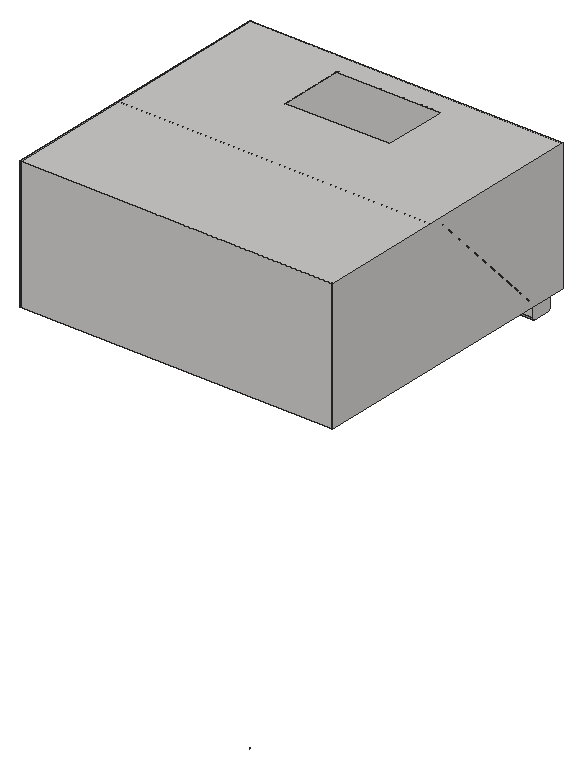
Revit family "QF_ELECTROLUXPROFESSIONAL_642010_EP1112T", category Attrezzature speciali, Revit 2021
Family settings
  Quota connettore circolare = Usa diametro
  Tipo di parte = Normale
  Basato su piano di lavoro = No
  Sempre verticale = Sì
  Taglio con vuoti quando caricato = No
  Condiviso = No
  Punto di calcolo locali = No
Parameters (values of type "Standard")
  Weight = 33.00 kg
  Watts = 0 W
  Volts = 0 V
  URL Manufacturer = "https://www.electroluxprofessional.com/"
  URL = "https://www.electroluxprofessional.com/"
  Steam Supply Size = 0 mm
  Steam Supply Minimum Pressure = 0.0 Pa
  Steam Supply Maximum Pressure = 0.0 Pa
  Steam Consumption per Hour = 0
  Refrigeration Suction Line Size = 0 mm
  Refrigeration Liquid Line Size = 0 mm
  Refrigerant Compressor Remote = yes
  Prospetto di default = 0 mm
  Produttore = "Electrolux Professional"
  Phase = 0
  Modello = "EP1112T"
  Length Actual = 1200 mm  # constant formula
  Item Number = "642010"
  Hot Water Size = 0 mm
  Height Actual = 500 mm  # constant formula
  HP = "0 HP"
  Gas Size = 0 mm
  Gas KW = 0
  Gas Input Pressure = 0 W
  Direct Waste Size = 0 mm
  Descrizione = "304 S/S WALL HOOD+FILTERS 1200X1100MM"
  Depth Actual = 1100 mm  # constant formula
  Cycle = 0 Hz
  Condensate Return Size = 0 mm
  Compressed Air Volume = 0.0 L/s
  Compressed Air Size = 0 mm
  Compressed Air Pressure = 0.0 Pa
  Cold Water Size = 0 mm
  Accessory = yes
Reference planes
  plane 1 "Center (Front/Back)": y = 0
  plane 2: z = 0
  plane 3 "Center (Left/Right)": x = 150
  plane 4 "LEFT": x = -450
  plane 5 "RIGHT": x = 750
  plane 6 "BACK": y = 550
  plane 7 "FRONT": y = -550
  plane 8 "TOP": z = 2500
  plane 9 "Base": z = 2000
  plane 10: z = 1926
  plane 11 "DrainY": y = 485
  plane 12: x = -447
  plane 13: through (0, 414.509, 2000.8) normal (0, 0.7314, 0.682)
  plane 14: y = 470
  plane 15: y = 220
  plane 16 "DrainX": x = 630
  plane 17: x = -50
  plane 18: x = 350
  plane 19: x = 747
  plane 20: x = 540
  plane 21: x = 720
  plane 22: x = -410
  plane 23: x = 710
  plane 24: x = -47.5
  plane 25: x = 347.5
Forms (mm)
  Extrusion 1, solid, material "QF_Finishes_Stainless Steel"
    sketch origin (-450, 0, 360) x (0, 1, 0) y (0, 0, 1)
      loop
        line (550, 1640) -> (550, 2140) -> (-550, 2140) -> (-550, 1640) -> (550, 1640)
    from 0 to 3
  Extrusion 2, solid, material "QF_Finishes_Stainless Steel"
    sketch origin (150, 0, 360) x (0, 1, 0) y (0, 0, 1)
      loop
        line (415.255, 1640) -> (550, 1640) -> (550, 2139.19) -> (549.2, 2139.19) -> (549.2, 1640.8) -> (415.876, 1640.8) -> (339.347, 1722.867) -> (349.609, 1732.436) -> (348.927, 1733.167) -> (337.934, 1722.917) -> (415.255, 1640)
      loop
        line (-82.203, 2139.19) -> (-82.203, 2118.6) -> (-31.047, 2118.6) -> (34.354, 2048.466) -> (46.028, 2059.352) -> (45.346, 2060.083) -> (34.403, 2049.879) -> (-30.612, 2119.6) -> (-81.203, 2119.6) -> (-81.203, 2139.19) -> (-82.203, 2139.19)
    from -597 to 597
  Extrusion 3, solid, material "QF_Finishes_Stainless Steel"
    sketch origin (750, 0, 360) x (0, 1, 0) y (0, 0, 1)
      loop
        line (550, 1640) -> (550, 2140) -> (-550, 2140) -> (-550, 1640) -> (550, 1640)
    from 0 to -3
  Extrusion 4, solid, material "QF_Finishes_Stainless Steel"
    sketch origin (150, 0, 360) x (0, 1, 0) y (0, 0, 1)
      loop
        line (-550, 2140) -> (-550, 1640) -> (-549.2, 1640) -> (-549.2, 2139.19) -> (550, 2139.19) -> (550, 2140) -> (-550, 2140)
    from -600 to 600
  Extrusion 5, solid, material "QF_Finishes_Stainless Steel"
    sketch origin (150, 0, 360) x (0, 1, 0) y (0, 0, 1)
      loop
        line (534, 1640) -> (436, 1640) -> (436, 1627) -> (443.5, 1627) -> (443.5, 1576)
        arc (443.5, 1576) -> (446.429, 1568.929) -> (453.5, 1566) r 10
        line (453.5, 1566) -> (516.5, 1566)
        arc (516.5, 1566) -> (523.571, 1568.929) -> (526.5, 1576) r 10
        line (526.5, 1576) -> (526.5, 1627) -> (534, 1627) -> (534, 1640)
    from 390 to 570
  Extrusion 6, solid, material "QF_Finishes_Stainless Steel"
    sketch origin (0, 0, 2000) x (0, 1, 0) y (-1, 0, 0)
      loop
        circle (485, -630) r 20
    from -76 to -74
  Extrusion 7, solid, material "QF_Finished_Chrome"
    sketch origin (150, 0, 360) x (0, 1, 0) y (0, 0, 1)
      loop
        line (337.934, 1722.917) -> (341.591, 1726.327) -> (38.011, 2051.876) -> (34.354, 2048.466) -> (337.934, 1722.917)
    from -197.5 to -560
  Extrusion 8, solid, material "QF_Finishes_Stainless Steel"
    sketch origin (150, 0, 360) x (0, 1, 0) y (0, 0, 1)
      loop
        line (337.934, 1722.917) -> (341.591, 1726.327) -> (38.011, 2051.876) -> (34.354, 2048.466) -> (337.934, 1722.917)
    from 597 to 560
  Extrusion 9, solid, material "QF_Finished_Chrome"
    sketch origin (150, 0, 360) x (0, 1, 0) y (0, 0, 1)
      loop
        line (341.588, 1726.324) -> (38.009, 2051.874) -> (34.354, 2048.466) -> (337.934, 1722.917) -> (341.588, 1726.324)
    from 197.5 to 560
  Extrusion 10, void
    sketch origin (0, 0, 2500) x (0, 1, 0) y (-1, 0, 0)
      loop
        line (470, -350) -> (470, 50) -> (220, 50) -> (220, -350) -> (470, -350)
    from 0 to -10
  Extrusion 11, solid, material "QF_Finishes_Stainless Steel"
    sketch origin (0, 0, 0) x (1, 0, 0) y (0, 1, 0)
      loop
        line (-450, 550) -> (-450, 549) -> (-449, 549) -> (-449, 550) -> (-450, 550)
    from 0 to 1
  Extrusion 12, solid, material "QF_Finishes_Stainless Steel"
    sketch origin (150, 0, 360) x (0, 1, 0) y (0, 0, 1)
      loop
        line (337.934, 1722.917) -> (341.591, 1726.327) -> (38.011, 2051.876) -> (34.354, 2048.466) -> (337.934, 1722.917)
    from -560 to -597
  Extrusion 13, solid, material "QF_Finishes_Stainless Steel"
    sketch origin (150, 0, 360) x (0, 1, 0) y (0, 0, 1)
      loop
        line (337.934, 1722.917) -> (341.591, 1726.327) -> (38.011, 2051.876) -> (34.354, 2048.466) -> (337.934, 1722.917)
    from 197.5 to -197.5
Cuts and joins
  Extrusion 10 cuts Extrusion 4
  joined: Extrusion 2, Extrusion 4
Lines and regions (mm)
  reference lines
    curve 1: line (150, 34.354, 2408.466) -> (150, 34.354, 2248.466)
  symbolic lines, style "SpecialityEquipment", detail levels coarse
    curve 2: line (750, 550, 2500) -> (-450, 550, 2500)
    curve 3: line (-450, 550, 2500) -> (-450, -550, 2500)
    curve 4: line (750, -550, 2500) -> (750, 550, 2500)
    curve 5: line (-450, -550, 2500) -> (750, -550, 2500)
    curve 6: line (350, 220, 2500) -> (-50, 220, 2500)
    curve 7: line (350, 470, 2500) -> (350, 220, 2500)
    curve 8: line (-50, 470, 2500) -> (350, 470, 2500)
    curve 9: line (-50, 220, 2500) -> (-50, 470, 2500)
    curve 10: line (-450, -550, 0) -> (750, 550, 0)
    curve 11: line (-450, 550, 0) -> (750, -550, 0)
Dimensions and locks
  plane 4 "LEFT" to plane 5 "RIGHT" = 1200 mm
  equal spacing: plane 4 "LEFT", plane 3 "Center (Left/Right)", plane 5 "RIGHT"
  plane 9 "Base" to plane 10 = 74 mm
  plane 6 "BACK" to plane 11 "DrainY" = 65 mm  (x2)
  plane 4 "LEFT" to plane 12 = 3 mm
  plane 6 "BACK" to plane 14 = 80 mm
  plane 14 to plane 15 = 250 mm  (x2)
  plane 16 "DrainX" to plane 5 "RIGHT" = 120 mm
  plane 19 to plane 5 "RIGHT" = 3 mm
  locked: plane 20 to plane 16 "DrainX" at 90
  locked: plane 16 "DrainX" to plane 21 at 90
  plane 6 "BACK" to plane 7 "FRONT" = 1100 mm  (x2)
  equal spacing: plane 6 "BACK", plane 1 "Center (Front/Back)", plane 7 "FRONT"
  plane 15 to plane 7 "FRONT" = 770 mm
  plane 14 to plane 6 "BACK" = 80 mm
  locked: plane 4 "LEFT" to plane 22 at 40
  locked: plane 23 to plane 5 "RIGHT" at 40
  locked: plane 24 to plane 25 at 395
  equal spacing: plane 24, plane 3 "Center (Left/Right)", plane 25
  locked: plane 17 to plane 18 at 400
  equal spacing: plane 17, plane 3 "Center (Left/Right)", plane 18
  locked: plane 9 "Base" to level at 2000
  locked: plane 8 "TOP" to plane 9 "Base" at 500
  aligned and locked: level to plane 2
  aligned and locked: Extrusion 2 to Extrusion 1
  aligned and locked: Extrusion 2 to Extrusion 3
  aligned and locked: plane 5 "RIGHT" to Extrusion 4
  aligned and locked: Extrusion 4 to plane 4 "LEFT"
  aligned and locked: plane 19 to Extrusion 8
  aligned and locked: Extrusion 10 to plane 17
  aligned and locked: Extrusion 10 to plane 15
  aligned and locked: Extrusion 10 to plane 14
  aligned and locked: Extrusion 2 to Extrusion 4
  aligned and locked: plane 21 to Extrusion 5
  aligned and locked: Extrusion 5 to plane 20
  aligned and locked: Extrusion 8 to plane 23
  aligned and locked: Extrusion 9 to plane 23
  aligned and locked: Extrusion 7 to plane 22
  aligned and locked: Extrusion 12 to plane 12
  aligned and locked: plane 22 to Extrusion 12
  aligned and locked: Extrusion 3 to plane 19
  aligned and locked: Extrusion 10 to plane 18
  aligned and locked: plane 18 to curve 7
  aligned and locked: plane 25 to Extrusion 13
  aligned and locked: Extrusion 13 to plane 24
  aligned and locked: Extrusion 9 to plane 25
Automatic sketch dimensions
  curve 5 to plane 5 "RIGHT" = 0 mm
  curve 5 to plane 7 "FRONT" = 0 mm
  curve 6 to plane 15 = 0 mm
  plane 14 to curve 8 = 0 mm
  curve 3 to plane 4 "LEFT" = 0 mm
  curve 3 to plane 6 "BACK" = 0 mm
  curve 6 to plane 17 = 0 mm
  Extrusion 2 sketch curve to plane 13 = 0 mm  (x3)
  Extrusion 2 sketch curve to plane 9 "Base" = 0 mm
  plane 13 to Extrusion 2 sketch curve = 0 mm
  Extrusion 2 sketch curve to plane 6 "BACK" = 0 mm
  Extrusion 2 sketch curve to Extrusion 2 sketch curve = 65.646 mm
  Extrusion 2 sketch curve to Extrusion 2 sketch curve = 0.682 mm  (x2)
  Extrusion 2 sketch curve to Extrusion 2 sketch curve = 10.261 mm
  plane 9 "Base" to Extrusion 2 sketch curve = 82.917 mm
  Extrusion 2 sketch curve to plane 1 "Center (Front/Back)" = 46.028 mm
  Extrusion 2 sketch curve to Extrusion 2 sketch curve = 10.942 mm
  Extrusion 2 sketch curve to Extrusion 2 sketch curve = 0.049 mm
  Extrusion 2 sketch curve to plane 8 "TOP" = 20.4 mm
  Extrusion 2 sketch curve to plane 8 "TOP" = 21.4 mm
  Extrusion 2 sketch curve to plane 8 "TOP" = 0.81 mm  (x2)
  Extrusion 2 sketch curve to Extrusion 2 sketch curve = 50.156 mm
  Extrusion 2 sketch curve to Extrusion 2 sketch curve = 1 mm
  plane 9 "Base" to Extrusion 2 sketch curve = 0.8 mm
  Extrusion 2 sketch curve to plane 6 "BACK" = 0.8 mm
  Extrusion 3 sketch curve to plane 9 "Base" = 0 mm
  Extrusion 3 sketch curve to plane 6 "BACK" = 0 mm
  Extrusion 3 sketch curve to plane 8 "TOP" = 0 mm
  Extrusion 4 sketch curve to plane 7 "FRONT" = 0 mm
  Extrusion 4 sketch curve to plane 6 "BACK" = 0 mm
  Extrusion 4 sketch curve to plane 8 "TOP" = 0 mm
  plane 7 "FRONT" to Extrusion 4 sketch curve = 0.8 mm
  Extrusion 4 sketch curve to plane 8 "TOP" = 0.81 mm
  curve 1 to plane 13 = 0 mm
  curve 1 to plane 1 "Center (Front/Back)" = 34.354 mm
  Extrusion 5 sketch curve to plane 9 "Base" = 0 mm
  Extrusion 5 sketch curve to plane 10 = 0 mm
  Extrusion 5 sketch curve to plane 9 "Base" = 13 mm  (x2)
  plane 14 to Extrusion 5 sketch curve = 34 mm
  Extrusion 5 sketch curve to Extrusion 5 sketch curve = 7.5 mm  (x2)
  Extrusion 5 sketch curve to Extrusion 5 sketch curve = 10 mm
  plane 11 "DrainY" to Extrusion 5 sketch curve = 31.5 mm
  Extrusion 5 sketch curve to plane 6 "BACK" = 23.5 mm
  Extrusion 6 sketch curve to plane 11 "DrainY" = 0 mm
  Extrusion 6 sketch curve to plane 16 "DrainX" = 0 mm
  Extrusion 7 sketch curve to plane 13 = 0 mm  (x2)
  Extrusion 7 sketch curve to plane 1 "Center (Front/Back)" = 34.354 mm
  Extrusion 7 sketch curve to Extrusion 7 sketch curve = 3.657 mm
  plane 9 "Base" to Extrusion 7 sketch curve = 82.917 mm
  Extrusion 8 sketch curve to plane 13 = 0 mm  (x2)
  Extrusion 8 sketch curve to plane 1 "Center (Front/Back)" = 34.354 mm
  Extrusion 8 sketch curve to Extrusion 8 sketch curve = 3.657 mm
  plane 9 "Base" to Extrusion 8 sketch curve = 82.917 mm
  Extrusion 9 sketch curve to plane 13 = 0 mm  (x2)
  Extrusion 9 sketch curve to plane 1 "Center (Front/Back)" = 34.354 mm
  Extrusion 9 sketch curve to Extrusion 9 sketch curve = 3.655 mm
  plane 9 "Base" to Extrusion 9 sketch curve = 82.917 mm
  Extrusion 10 sketch curve to plane 15 = 0 mm
  plane 14 to Extrusion 10 sketch curve = 0 mm
  Extrusion 10 sketch curve to plane 18 = 0 mm
  Extrusion 10 sketch curve to plane 17 = 0 mm
  Extrusion 11 sketch curve to plane 4 "LEFT" = 0 mm
  Extrusion 11 sketch curve to plane 6 "BACK" = 0 mm
  plane 4 "LEFT" to Extrusion 11 sketch curve = 1 mm
  Extrusion 11 sketch curve to Extrusion 11 sketch curve = 1 mm
  Extrusion 12 sketch curve to plane 13 = 0 mm  (x2)
  Extrusion 12 sketch curve to plane 1 "Center (Front/Back)" = 34.354 mm
  Extrusion 12 sketch curve to Extrusion 12 sketch curve = 3.657 mm
  plane 9 "Base" to Extrusion 12 sketch curve = 82.917 mm
  Extrusion 13 sketch curve to plane 13 = 0 mm  (x2)
  Extrusion 13 sketch curve to plane 1 "Center (Front/Back)" = 34.354 mm
  Extrusion 13 sketch curve to Extrusion 13 sketch curve = 3.657 mm
  plane 9 "Base" to Extrusion 13 sketch curve = 82.917 mm
  Extrusion 1 sketch curve to plane 7 "FRONT" = 0 mm
  Extrusion 1 sketch curve to plane 6 "BACK" = 0 mm
  Extrusion 1 sketch curve to plane 8 "TOP" = 0 mm
  Extrusion 3 sketch curve to plane 7 "FRONT" = 0 mm
  Extrusion 1 sketch curve to plane 9 "Base" = 0 mm
  Extrusion 4 sketch curve to plane 9 "Base" = 0 mm
  curve 1 to curve 1 = 160 mm
  curve 11 to plane 4 "LEFT" = 0 mm
  curve 10 to plane 4 "LEFT" = 0 mm
  curve 11 to plane 5 "RIGHT" = 0 mm
  curve 10 to plane 5 "RIGHT" = 0 mm
  curve 11 to plane 7 "FRONT" = 0 mm
  curve 10 to plane 7 "FRONT" = 0 mm
  curve 11 to plane 6 "BACK" = 0 mm
  curve 10 to plane 6 "BACK" = 0 mm
  radius of Extrusion 6 sketch curve = 20 mm
Connectors
  piping at (630, 485, 1924), diameter 20
    settings: on Extrusion 6, index 1, connector inside diameter 609.6 mm, connector length 0 mm, flow factor 0, pipe flow 0.0 L/s, pressure drop 0.0 Pa, fitting loss kfactor 0, connector angle 0.00°, fixture units 0, engagement length 0 mm, angle of deflection 0.00°, flow configuration 1, flow direction 2, fitting loss method 0, system type 16, joint type 0, gender type 0, connector reference index -1, connector utility 0, adjustable connector no, is connector primary yes, connector description "Drain"
  hvac at (150, 345, 2500)
    settings: on Extrusion 10, index 2, duct flow 0.0 L/s, flow factor 0, pres drop 0.0 Pa, loss coef 0, conn angle 0.00°, conn width 250 mm, conn height 400 mm, conn diameter 609.6 mm, duct sys type 3, conn prof type 1, flow config 0, flow direction 2, loss method 0, conn ref index -1, conn util no, is conn primary yes, conn desc "EXHAUST OUTLET"
